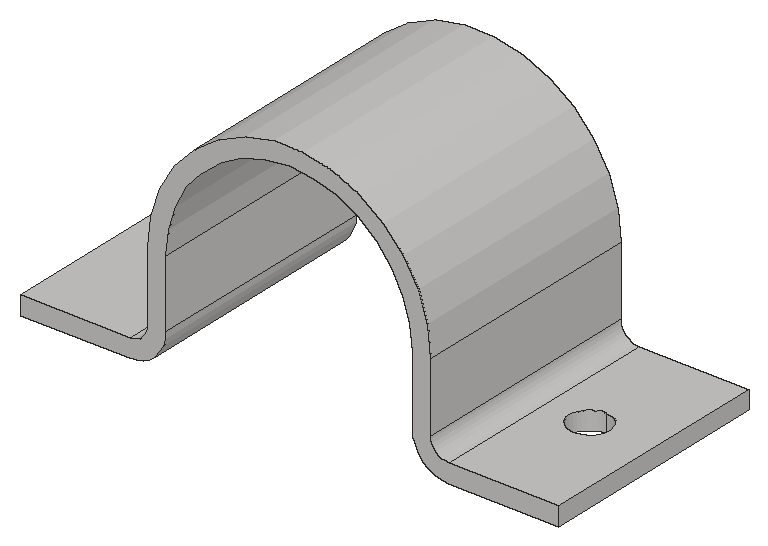
Revit family "Pipe-Strap-Atkore-Single-Piece-P2558-12", category Specialty Equipment, Revit 2012
Parameters (values of type "P2558-12")
  ecoScorecard_data = ""
  ecoScorecard Product Page = ""
  Unit = Metal - Aluminum - Atkore - Electro - Galvanized
  URL = "http://unistrut.us/index.php"
  Thickness = 3.20 mm
  Subcategory = "Pipe Strap"  # constant formula
  Product Page URL = ""
  Part Type = "Strap"  # constant formula
  Part Number = "P2558-12"
  Overall Width = 93.662 mm
  Overall Height = 42.842 mm
  Overall Depth = 41.275 mm
  Model = "P2558-12"  # constant formula
  Material = "Multiple Options - See Catalog"
  Manufacturer Toll Free Phone = "800-882-5543"  # constant formula
  Manufacturer Phone = "708-339-1610"  # constant formula
  Manufacturer Fax = "708-339-7814"  # constant formula
  Manufacturer Email = "mailto:questions@atkore.com"
  Manufacturer Address = "16100 South Lathrop Avenue, Harvey, IL 60426"  # constant formula
  Manufacturer = "Unistrut by Atkore International"  # constant formula
  Load Capacity Note = "Visit the product page for load application and capacity."  # constant formula
  Literature URL = ""
  Description = "Single Piece Pipe Strap"  # constant formula
  Cost Info = "mailto:questions@atkore.com"
  Construction Note = ""
  Conduit Size = 9.50 mm  # constant formula
  CSI MasterSpec = ""
  CAD URL = ""
  Assembly Code = "D5090300"
  95 CSI = "16070"  # constant formula
  04 CSI = "26 05 48"  # constant formula
Reference planes
  plane 1 "Center (Front/Back)": y = 0
  plane 2: z = 0
  plane 3 "Center (Left/Right)": x = 0
  plane 4: y = 20.637
  plane 5: y = -20.637
  plane 6: x = -46.831
  plane 7: x = 46.831
  plane 8: z = 42.842
Dimensions and locks
  equal spacing: plane 4, plane 1 "Center (Front/Back)", plane 5
  "Overall Height": plane 8 to level
  "Overall Depth": plane 4 to plane 5
  "Overall Width": plane 6 to plane 7
  equal spacing: plane 6, plane 3 "Center (Left/Right)", plane 7
  aligned and locked: level to plane 2
  aligned and locked: plane 3 "Center (Left/Right)" to nested 1
  aligned and locked: plane 1 "Center (Front/Back)" to nested 1
Nested families
  nested 1: "P2558-12" at (0, 0, 0), type "P2558-12"
Definition of nested family "P2558-12"
  Parameters (values of type "P2558-12")
    Unit = Metal - Aluminum - Atkore - Electro - Galvanized
    Default Elevation = 0.00 mm
    C = 11.10 mm
    B = 7.10 mm
    A = 95.30 mm
  Reference planes
    plane 1 "Center (Front/Back)": y = 0
    plane 2: z = 0
    plane 3 "Center (Left/Right)": x = 0
    plane 4: y = -20.638
    plane 5: x = -46.831
    plane 6: x = 46.831
    plane 7: y = 20.637
    plane 8: z = 42.842
    plane 9: z = 3.2
  Forms (mm)
    Sweep 1, solid, material "Metal - Aluminum - Atkore - Electro - Galvanized" <- "Unit"
      path origin (0, 0, 0) x (1, 0, 0) y (0, 1, 0)
        loop
          line (0, 20.637) -> (0, -20.638)
      profile origin (0, 0, 0) x (1, 0, 0) y (0, 0, 1)
        loop
          line (-29.472, 0) -> (-27.781, 0)
          arc (-27.781, 0) -> (-23.291, 1.86) -> (-21.431, 6.35) r 6.35
          line (-21.431, 6.35) -> (-21.431, 18.256)
          arc (-21.431, 18.256) -> (0, 39.688) -> (21.431, 18.256) r 21.431
          line (21.431, 18.256) -> (21.431, 6.35)
          arc (21.431, 6.35) -> (23.291, 1.86) -> (27.781, 0) r 6.35
          line (27.781, 0) -> (29.472, 0) -> (29.472, 3.2) -> (27.759, 3.2)
          arc (27.759, 3.2) -> (25.53, 4.124) -> (24.606, 6.353) r 3.153
          line (24.606, 6.353) -> (24.606, 18.256)
          arc (24.606, 18.256) -> (0, 42.862) -> (-24.606, 18.256) r 24.606
          line (-24.606, 18.256) -> (-24.606, 6.353)
          arc (-24.606, 6.353) -> (-25.53, 4.124) -> (-27.759, 3.2) r 3.153
          line (-27.759, 3.2) -> (-29.472, 3.2) -> (-29.472, 0)
    Sweep 2, solid, material "Metal - Aluminum - Atkore - Electro - Galvanized" <- "Unit"
      path origin (0, 0, 0) x (1, 0, 0) y (0, 0, 1)
        loop
          line (-29.472, 3.2) -> (-29.472, 0)
      profile origin (-29.472, 0, 1.6) x (0, -1, 0) y (1, 0, 0)
        loop
          line (-20.638, -17.359) -> (20.637, -17.359) -> (20.637, 0) -> (-20.638, 0) -> (-20.638, -17.359)
        loop
          circle (0, -6.247) r 3.572
    Sweep 3, solid, material "Metal - Aluminum - Atkore - Electro - Galvanized" <- "Unit"
      path origin (0, 0, 0) x (-1, 0, 0) y (0, 0, 1)
        loop
          line (-29.472, 3.2) -> (-29.472, 0)
      profile origin (29.472, 0, 1.6) x (0, -1, 0) y (1, 0, 0)
        loop
          line (-20.638, 17.359) -> (-20.638, 0) -> (20.637, 0) -> (20.637, 17.359) -> (-20.638, 17.359)
        loop
          circle (0, 6.247) r 3.572
  Cuts and joins
    joined: Sweep 1, Sweep 2, Sweep 3
  Dimensions and locks
    equal spacing: plane 4, plane 1 "Center (Front/Back)", plane 7
    plane 9 to level = 3.20 mm
    equal spacing: plane 5, plane 3 "Center (Left/Right)", plane 6
    aligned and locked: plane 2 to level
    aligned and locked: plane 7 to Sweep 1 sketch curve
    aligned and locked: plane 4 to Sweep 1 sketch curve
  Automatic sketch dimensions
    Sweep 1 sketch curve to plane 3 "Center (Left/Right)" = 0.00 mm
    Sweep 1 sketch curve to Sweep 1 sketch curve = 0.00 mm  (x2)
    Sweep 1 sketch curve to level = 0.00 mm  (x2)
    profile plane to Sweep 1 sketch curve = 0.00 mm
    level to Sweep 1 sketch curve = 6.35 mm
    profile plane to Sweep 1 sketch curve = 21.431 mm
    Sweep 1 sketch curve to Sweep 1 sketch curve = 3.175 mm
    Sweep 1 sketch curve to Sweep 1 sketch curve = 0.022 mm  (x2)
    Sweep 1 sketch curve to Sweep 1 sketch curve = 1.713 mm  (x2)
    level to Sweep 1 sketch curve = 3.20 mm
    Sweep 1 sketch curve to Sweep 1 sketch curve = 3.153 mm
    Sweep 1 sketch curve to Sweep 1 sketch curve = 3.20 mm
    Sweep 1 sketch curve to Sweep 1 sketch curve = 11.903 mm
    Sweep 2 sketch curve to level = 0.00 mm
    Sweep 2 sketch curve to plane 9 = 0.00 mm
    plane 5 to Sweep 2 sketch curve = 17.359 mm
    Sweep 2 sketch curve to profile plane = 0.00 mm
    plane 1 "Center (Front/Back)" to Sweep 2 sketch curve = 0.00 mm
    Sweep 2 sketch curve to plane 1 "Center (Front/Back)" = 20.638 mm
    plane 1 "Center (Front/Back)" to Sweep 2 sketch curve = 20.637 mm
    profile plane to Sweep 2 sketch curve = 6.247 mm
    profile plane to Sweep 2 sketch curve = 17.359 mm
    Sweep 3 sketch curve to level = 0.00 mm
    Sweep 3 sketch curve to plane 9 = 0.00 mm
    plane 6 to Sweep 3 sketch curve = 17.359 mm
    Sweep 3 sketch curve to profile plane = 0.00 mm
    plane 1 "Center (Front/Back)" to Sweep 3 sketch curve = 0.00 mm
    Sweep 3 sketch curve to plane 1 "Center (Front/Back)" = 20.638 mm
    plane 1 "Center (Front/Back)" to Sweep 3 sketch curve = 20.637 mm
    Sweep 3 sketch curve to profile plane = 6.247 mm
    Sweep 3 sketch curve to Sweep 3 sketch curve = 17.359 mm
    radius of Sweep 2 sketch curve = 3.572 mm
    radius of Sweep 3 sketch curve = 3.572 mm
